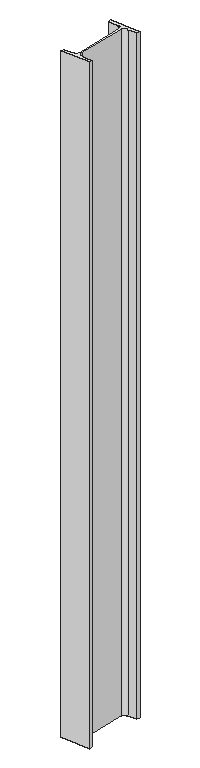
Revit family "RSJ-Rolled Steel Joists-Column", category 구조 기둥, Revit 2026
Family settings
  단면 모양 = 정의되지 않음
  모델 동작 재료 = 스틸
  항상 형상으로 내보내기 = 아니오
  평면의 보 전환 = 경계 상자에서
  로드될 때 보이드를 사용하여 절단 = 아니오
  기호 표현 = 프로젝트 설정에서
  공유 = 아니오
  평면도에서 미리 절단된 패밀리 표시 = 예
Parameters (values of type "RSJ254x114x37")
  Assembly Code = ""
  Structural Material [instance] = Metal - Steel - 345 MPa
  A = 0.005 m²
  W = 0.36481
  bf = 114.3 mm
  d = 254 mm
  k = 29.2 mm
  kr = k - tf  # 16.4 mm
  tf = 12.8 mm
  tw = 7.6 mm
Reference planes
  plane 1: y = 0
  plane 2: z = 0
  plane 3: x = 0
  plane 4: x = -57.15
  plane 5: x = 57.15
  plane 6: y = 127
  plane 7: y = -127
  plane 8: x = -3.969
  plane 9: x = 3.969
Forms (mm)
  Extrusion 1, solid, material "Metal - Steel - 345 MPa" <- "Structural Material", detail levels medium
    sketch origin (0, 0, 0) x (1, 0, 0) y (0, 1, 0)
      loop
        line (-57.15, 127) -> (-57.15, 114.2) -> (-3.8, 114.2) -> (-3.8, -114.2) -> (-57.15, -114.2) -> (-57.15, -127) -> (57.15, -127) -> (57.15, -114.2) -> (3.8, -114.2) -> (3.8, 114.2) -> (57.15, 114.2) -> (57.15, 127) -> (-57.15, 127)
    from 0 to 2500
  Extrusion 2, solid, material "Metal - Steel - 345 MPa" <- "Structural Material", detail levels fine
    sketch origin (0, 0, 0) x (1, 0, 0) y (0, 1, 0)
      loop
        line (-57.15, 127) -> (-57.15, 114.2) -> (-20.2, 114.2)
        arc (-20.2, 114.2) -> (-8.603, 109.397) -> (-3.8, 97.8) r 16.4
        line (-3.8, 97.8) -> (-3.8, -97.8)
        arc (-3.8, -97.8) -> (-8.603, -109.397) -> (-20.2, -114.2) r 16.4
        line (-20.2, -114.2) -> (-57.15, -114.2) -> (-57.15, -127) -> (57.15, -127) -> (57.15, -114.2) -> (20.2, -114.2)
        arc (20.2, -114.2) -> (8.603, -109.397) -> (3.8, -97.8) r 16.4
        line (3.8, -97.8) -> (3.8, 97.8)
        arc (3.8, 97.8) -> (8.603, 109.397) -> (20.2, 114.2) r 16.4
        line (20.2, 114.2) -> (57.15, 114.2) -> (57.15, 127) -> (-57.15, 127)
    from 0 to 2500
Lines and regions (mm)
  symbolic lines, style "StructuralColumnStickSymbols", detail levels coarse
    curve 1: line (-57.15, 127, 0) -> (57.15, 127, 0)
    curve 2: line (-57.15, -127, 0) -> (57.15, -127, 0)
    curve 3: line (0, 127, 0) -> (0, -127, 0)
  symbolic lines, style "Hidden Faces", detail levels medium+fine
    curve 4: line (-3.969, 0, 0) -> (-3.969, 0, 2500)
    curve 5: line (3.969, 0, 2500) -> (3.969, 0, 0)
Dimensions and locks
  equal spacing: plane 4, plane 3, plane 5
  equal spacing: plane 7, plane 1, plane 6
  "d": plane 7 to plane 6
  "bf": plane 4 to plane 5
  "tf": plane 7 to Extrusion 1 sketch curve
  "tf": Extrusion 1 sketch curve to plane 6
  equal spacing: Extrusion 1 sketch curve, plane 3, Extrusion 1 sketch curve
  "tw": Extrusion 1 sketch curve to Extrusion 1 sketch curve
  "kr": radius of Extrusion 2 sketch curve  (x4)
  aligned and locked: plane 6 to Extrusion 1 sketch curve
  aligned and locked: Extrusion 1 sketch curve to plane 7
  aligned and locked: Extrusion 1 sketch curve to plane 4  (x2)
  aligned and locked: plane 5 to Extrusion 1 sketch curve  (x2)
  aligned and locked: Extrusion 1 sketch curve to Extrusion 1 sketch curve  (x2)
  aligned and locked: level to Extrusion 1
  aligned and locked: level to plane 2
  aligned and locked: Extrusion 1 to plane 2
  aligned and locked: plane 6 to Extrusion 2 sketch curve
  aligned and locked: plane 5 to Extrusion 2 sketch curve  (x2)
  aligned and locked: Extrusion 2 sketch curve to plane 4  (x2)
  aligned and locked: Extrusion 2 sketch curve to Extrusion 1  (x6)
  aligned and locked: Extrusion 2 sketch curve to plane 7
  aligned and locked: level to Extrusion 2
  aligned and locked: Extrusion 2 to level
Automatic sketch dimensions
  curve 2 to plane 4 = 0 mm
  curve 1 to plane 4 = 0 mm
  curve 3 to plane 3 = 0 mm
  curve 2 to plane 5 = 0 mm
  curve 1 to plane 5 = 0 mm
  curve 3 to plane 7 = 0 mm
  curve 3 to plane 6 = 0 mm
  curve 4 to level = 0 mm  (x2)
  curve 4 to plane 8 = 0 mm
  curve 5 to level = 0 mm  (x2)
  curve 5 to plane 9 = 0 mm
